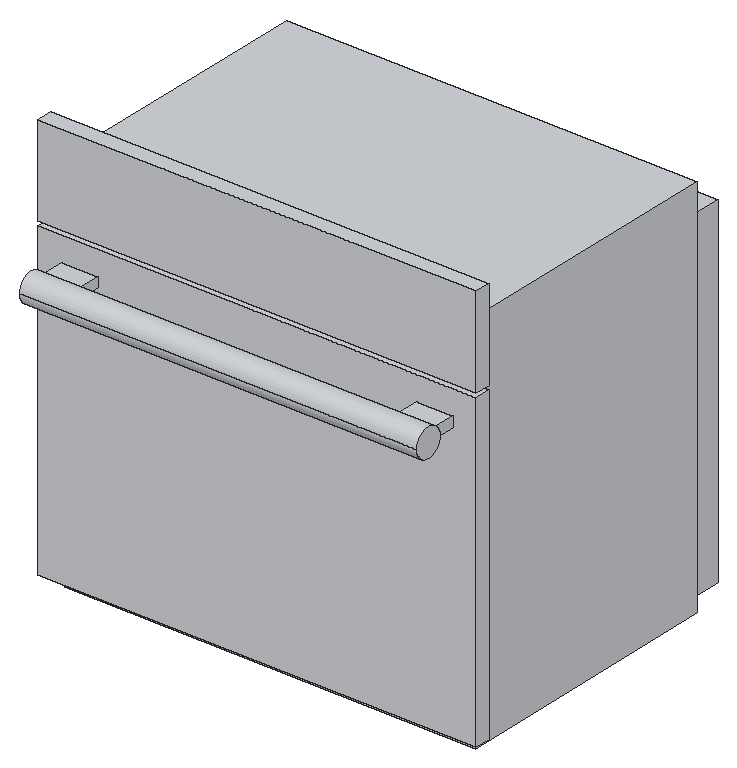
Revit family "Thermador_ME301YP_v01", category Specialty Equipment, Revit 2021
Family settings
  Round Connector Dimension = Use Diameter
  Part Type = Normal
  Work Plane-Based = Yes
  Always vertical = Yes
  Cut with Voids When Loaded = No
  Shared = No
  Room Calculation Point = No
Parameters
  Default Elevation = 737 mm
Reference planes
  plane 1 "Center (Front/Back)": y = 0
  plane 2: z = 0
  plane 3 "Center (Left/Right)": x = 0
  plane 4 "Center L/S": x = 0
Forms (mm)
  Extrusion 1, solid
    sketch origin (-38, -200, 0) x (1, 0, 0) y (0, 1, 0)
      loop
        line (-322, 480) -> (-322, -90.016) -> (400, -90.016) -> (400, 480) -> (-322, 480)
    from 0 to 679
  Extrusion 2, void
    sketch origin (0, 0, 0) x (0, 1, 0) y (0, 0, 1)
      loop
        line (337.212, 731.315) -> (197.212, 731.315) -> (197.212, 602.777) -> (337.212, 602.777) -> (337.212, 731.315)
    from -408.339 to 426.402
  Extrusion 3, void
    sketch origin (0, 197.212, 602.777) x (-1, 0, 0) y (0, 1, 0)
      loop
        line (-501.86, 0) -> (-332, 0) -> (-332, 189.549) -> (-501.86, 189.549) -> (-501.86, 0)
    from -259.091 to 679
  Extrusion 4, void
    sketch origin (0, 197.212, 602.777) x (-1, 0, 0) y (0, 1, 0)
      loop
        line (501.86, 0) -> (501.86, 122.788) -> (332, 122.788) -> (332, 0) -> (501.86, 0)
    from -259.091 to 679
  Extrusion 5, solid
    sketch origin (-2.96, 0, -8) x (1, 0, 0) y (0, 0, 1)
      loop
        line (-382.04, 748) -> (-382.04, 587.554) -> (387.96, 587.554) -> (387.96, 748) -> (-382.04, 748)
    from 316.896 to 290.016
  Extrusion 6, solid
    sketch origin (-2.96, 0.016, -555.549) x (1, 0, 0) y (0, 0, 1)
      loop
        line (-382.04, 1127.549) -> (-382.04, 577.549) -> (387.96, 577.549) -> (387.96, 1127.549) -> (-382.04, 1127.549)
    from 316.912 to 290.016
  Extrusion 7, solid
    sketch origin (0, 0, 0) x (0, 1, 0) y (0, 0, 1)
      loop
        line (-316.896, 528.818) -> (-383.896, 528.818) -> (-383.896, 510.818) -> (-316.896, 510.818) -> (-316.896, 528.818)
    from -343.807 to -280.37
  Extrusion 8, solid
    sketch origin (0, 0, 0) x (0, 1, 0) y (0, 0, 1)
      loop
        circle (-383.896, 519.818) r 25
    from -343.807 to 354.074
  Extrusion 9, solid
    sketch origin (0, 0, 0) x (0, 1, 0) y (0, 0, -1)
      loop
        line (-316.896, -528.818) -> (-316.896, -510.818) -> (-383.896, -510.818) -> (-383.896, -528.818) -> (-316.896, -528.818)
    from -343.807 to -280.37
Cuts and joins
  Extrusion 2, Extrusion 3, Extrusion 4 cuts Extrusion 1
  joined: Extrusion 7, Extrusion 8, Extrusion 9
Dimensions and locks
  Extrusion 1 to Extrusion 1 = 722 mm
  Extrusion 1 to Extrusion 1 = 679 mm
  aligned and locked: level to plane 2
